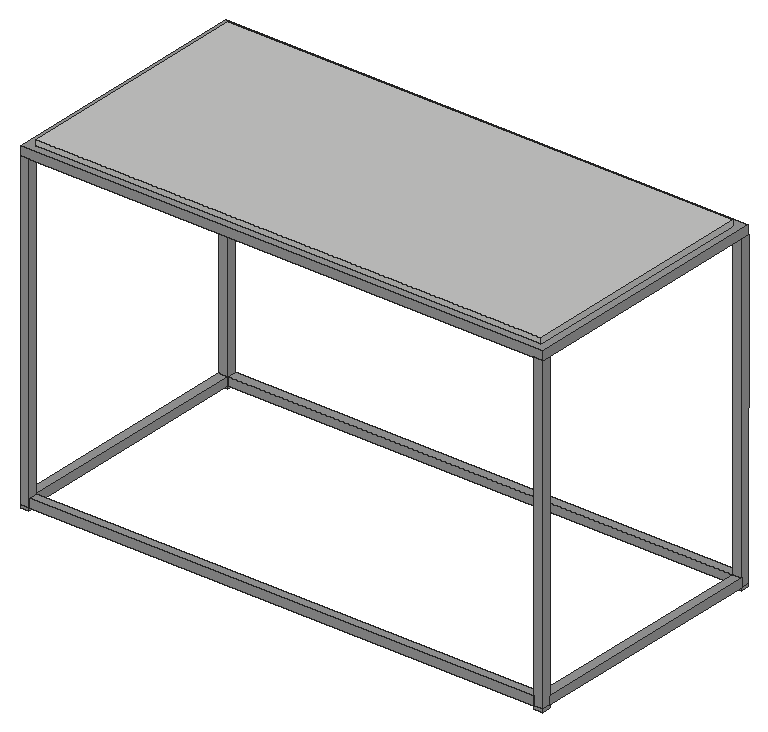
Revit family "Quoll Tables", category Furniture, Revit 2019
Family settings
  OmniClass Number = 23.40.20.00
  OmniClass Title = General Furniture and Specialties
  Work Plane-Based = No
  Always vertical = Yes
  Cut with Voids When Loaded = No
  Shared = No
  Room Calculation Point = No
Parameters (values of type "GD27B2")
  URL = "www.gof.co.uk"
  Table Top = Gresham - CONCRETE
  Range = "QUOLL"
  Product Code = "GD27B2"
  Manufacturer = "Gresham Office Furniture"  # constant formula
  Height = 576 mm
  Frame = Gresham - BLACK METAL
  Width = 915 mm
  Foot = Gresham - Black Plastic
  Depth = 450 mm
  Assembly Code = "E2020200"
Types (5, lengths in mm): name | Product Code | Height | Width
  (no name) | "GD27B2" | 576 | 915
  GD27A2 | "GD27A2" | 455 | 915
  GD27A1 | "GD27A1" | 455 | 450
  GD27B1 | "GD27B1" | 576 | 450
  GD27B2 | "GD27B2" | 576 | 915
Reference planes
  plane 1 "Center (Front/Back)": y = 0
  plane 2: z = 0
  plane 3 "Center (Left/Right)": x = 0
  plane 4: x = 457.5
  plane 5: x = -457.5
  plane 6: y = -225
  plane 7: y = 225
  plane 8 "Top": z = 576
  plane 9 "Frame Height": z = 567
  plane 10 "Foot": z = 5
  plane 11: y = -210
  plane 12: y = 210
  plane 13: x = 442.5
  plane 14: x = -442.5
Forms (mm)
  Extrusion 1, solid, material "Gresham - CONCRETE" <- "Table Top"
    sketch origin (0, 0, 0) x (1, 0, 0) y (0, 1, 0)
      loop
        line (442.5, 210) -> (-442.5, 210) -> (-442.5, -210) -> (442.5, -210) -> (442.5, 210)
    from 576 to 558
  Sweep 2, solid, material "Gresham - BLACK METAL" <- "Frame"
    path in 3D
      loop
        line (-457.5, -225, 567) -> (-457.5, 225, 567) -> (457.5, 225, 567) -> (457.5, -225, 567) -> (-457.5, -225, 567)
    profile origin (0, -225, 567) x (0, -1, 0) y (0, 0, 1)
      loop
        line (0, -15) -> (0, 0) -> (-15, 0) -> (-15, -15) -> (0, -15)
  Extrusion 3, solid, material "Gresham - BLACK METAL" <- "Frame"
    sketch origin (0, 0, 5) x (0, -1, 0) y (1, 0, 0)
      loop
        line (-225, -457.5) -> (-210, -457.5) -> (-210, -442.5) -> (-225, -442.5) -> (-225, -457.5)
      loop
        line (-225, 457.5) -> (-225, 442.5) -> (-210, 442.5) -> (-210, 457.5) -> (-225, 457.5)
      loop
        line (225, 457.5) -> (210, 457.5) -> (210, 442.5) -> (225, 442.5) -> (225, 457.5)
      loop
        line (225, -457.5) -> (225, -442.5) -> (210, -442.5) -> (210, -457.5) -> (225, -457.5)
    from 0 to 547
  Extrusion 4, solid, material "Gresham - Black Plastic" <- "Foot"
    sketch origin (0, 0, 0) x (0, -1, 0) y (1, 0, 0)
      loop
        line (-225, -457.5) -> (-210, -457.5) -> (-210, -442.5) -> (-225, -442.5) -> (-225, -457.5)
      loop
        line (-225, 457.5) -> (-225, 442.5) -> (-210, 442.5) -> (-210, 457.5) -> (-225, 457.5)
      loop
        line (225, 457.5) -> (210, 457.5) -> (210, 442.5) -> (225, 442.5) -> (225, 457.5)
      loop
        line (225, -457.5) -> (225, -442.5) -> (210, -442.5) -> (210, -457.5) -> (225, -457.5)
    from 0 to 5
  Extrusion 5, solid, material "Gresham - BLACK METAL" <- "Frame"
    sketch origin (0, 0, 0) x (1, 0, 0) y (0, 0, 1)
      loop
        line (442.5, 5) -> (457.5, 5) -> (457.5, 20) -> (442.5, 20) -> (442.5, 5)
      loop
        line (-442.5, 5) -> (-442.5, 20) -> (-457.5, 20) -> (-457.5, 5) -> (-442.5, 5)
    from -210 to 210
  Extrusion 6, solid, material "Gresham - BLACK METAL" <- "Frame"
    sketch origin (-115, 0, 0) x (0, 1, 0) y (0, 0, 1)
      loop
        line (210, 5) -> (225, 5) -> (225, 20) -> (210, 20) -> (210, 5)
      loop
        line (-210, 5) -> (-210, 20) -> (-225, 20) -> (-225, 5) -> (-210, 5)
    from -327.5 to 557.5
Lines and regions (mm)
  model lines
    curve 1: line (-457.5, 225, 567) -> (457.5, 225, 567)
    curve 2: line (-457.5, -225, 567) -> (-457.5, 225, 567)
    curve 3: line (457.5, -225, 567) -> (-457.5, -225, 567)
    curve 4: line (457.5, 225, 567) -> (457.5, -225, 567)
  sketch lines
    curve 5: line (457.5, -225, 567) -> (-457.5, -225, 567)
    curve 6: line (-457.5, -225, 567) -> (-457.5, 225, 567)
    curve 7: line (-457.5, 225, 567) -> (457.5, 225, 567)
    curve 8: line (457.5, 225, 567) -> (457.5, -225, 567)
Dimensions and locks
  "Width": plane 5 to plane 4
  equal spacing: plane 5, plane 3 "Center (Left/Right)", plane 4
  "Depth": plane 7 to plane 6
  equal spacing: plane 7, plane 1 "Center (Front/Back)", plane 6
  "Height": plane 8 "Top" to level
  locked: plane 8 "Top" to plane 9 "Frame Height" at 9
  locked: plane 10 "Foot" to level at 5
  locked: plane 11 to plane 6 at 15
  locked: plane 7 to plane 12 at 15
  locked: plane 4 to plane 13 at 15
  locked: plane 14 to plane 5 at 15
  locked: plane 8 "Top" to Extrusion 1 at 18
  locked: plane 9 "Frame Height" to Extrusion 3 at 15
  aligned and locked: level to plane 2
  aligned and locked: plane 8 "Top" to Extrusion 1
  aligned and locked: plane 11 to Extrusion 5
  aligned and locked: Extrusion 5 to plane 12
  aligned and locked: Extrusion 6 to plane 14
  aligned and locked: plane 13 to Extrusion 6
Automatic sketch dimensions
  plane 5 to Extrusion 1 sketch curve = 15 mm
  Extrusion 1 sketch curve to plane 4 = 15 mm
  Extrusion 1 sketch curve to plane 6 = 15 mm
  Extrusion 1 sketch curve to plane 7 = 15 mm
  Sweep 2 sketch curve to profile plane = 0 mm  (x2)
  profile plane to Sweep 2 sketch curve = 15 mm
  Sweep 2 sketch curve to Sweep 2 sketch curve = 15 mm
  curve 1 to plane 4 = 0 mm
  curve 3 to plane 5 = 0 mm
  curve 1 to plane 7 = 0 mm
  plane 6 to curve 3 = 0 mm
  Extrusion 3 sketch curve to plane 5 = 0 mm  (x2)
  Extrusion 3 sketch curve to plane 7 = 0 mm  (x2)
  Extrusion 3 sketch curve to plane 4 = 0 mm  (x2)
  plane 6 to Extrusion 3 sketch curve = 0 mm  (x2)
  Extrusion 3 sketch curve to Extrusion 3 sketch curve = 15 mm  (x4)
  Extrusion 3 sketch curve to plane 6 = 15 mm  (x2)
  plane 5 to Extrusion 3 sketch curve = 15 mm
  Extrusion 3 sketch curve to plane 4 = 15 mm
  Extrusion 4 sketch curve to plane 5 = 0 mm  (x2)
  Extrusion 4 sketch curve to plane 7 = 0 mm  (x2)
  Extrusion 4 sketch curve to plane 4 = 0 mm  (x2)
  plane 6 to Extrusion 4 sketch curve = 0 mm  (x2)
  Extrusion 4 sketch curve to Extrusion 4 sketch curve = 15 mm  (x4)
  Extrusion 4 sketch curve to plane 6 = 15 mm  (x2)
  plane 5 to Extrusion 4 sketch curve = 15 mm  (x2)
  Extrusion 5 sketch curve to plane 5 = 0 mm
  Extrusion 5 sketch curve to plane 10 "Foot" = 0 mm  (x2)
  Extrusion 5 sketch curve to plane 4 = 0 mm
  Extrusion 5 sketch curve to Extrusion 5 sketch curve = 15 mm  (x2)
  Extrusion 5 sketch curve to plane 10 "Foot" = 15 mm  (x2)
  Extrusion 6 sketch curve to plane 6 = 0 mm
  plane 10 "Foot" to Extrusion 6 sketch curve = 0 mm  (x2)
  Extrusion 6 sketch curve to plane 7 = 0 mm
  Extrusion 6 sketch curve to Extrusion 6 sketch curve = 15 mm  (x2)
  Extrusion 6 sketch curve to plane 10 "Foot" = 15 mm  (x2)
